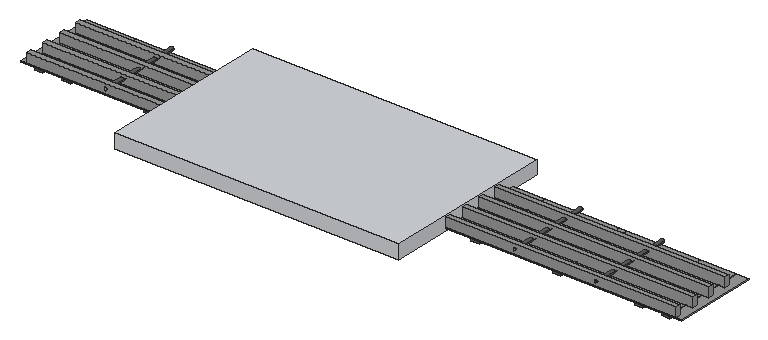
Revit family "1412-4, Veneer", category Generic Models, host Face, Revit 2020
Family settings
  Host = Face
  Can host rebar = No
  Round Connector Dimension = Use Diameter
  Part Type = Normal
  Cut with Voids When Loaded = No
  Shared = No
  Room Calculation Point = No
Parameters
  min_value [instance] = 2' - 4"  # constant formula
  max_value [instance] = 9' - 11 1/4"  # constant formula
  actual_value [instance] = if(NET LENGTH < min_value, min_value, if(NET LENGTH > max_value, max_value, NET LENGTH))  # 7' - 11 1/4"
  SCRIM MATERIAL [instance] = SCRIM
  SCRIM APPEARANCE [instance] = yes
  NET LENGTH [instance] = 7' - 11 1/4"
  IMPORTANT NOTE!!!                                                                             *Backer & dowel layout is for visualization purposes only, final layout to be determined by 9Wood. [instance] = ""
  Default Elevation = 4' - 0"
  DOWEL RADIUS [instance] = 0' - 0 1/4"  # constant formula
  BACKER & DOWEL MATERIAL [instance] = BLACK-BACKERS
  .. MEMBER WIDTH [instance] = 0' - 0 3/4"  # constant formula
  .. MEMBER MATERIAL [instance] = Veneer Cherry
  .. MEMBER DEPTH [instance] = 0' - 1 3/8"  # constant formula
  .. MEMBER COUNT [instance] = 4  # constant formula
Reference planes (in)
  plane 1 "Center (Front/Back)": y = 0
  plane 2: z = 0
  plane 3 "Center (Left/Right)": x = 0
Forms (in)
  Extrusion 1, solid
    sketch origin (0, 0, 0) x (1, 0, 0) y (0, 1, 0)
      loop
        line (-24.24823, 14.63962) -> (-24.24823, -10.69266) -> (17.36192, -10.69266) -> (17.36192, 14.63962) -> (-24.24823, 14.63962)
    from 0 to 2.0625
Dimensions and locks (in)
  aligned and locked: plane 2 to Extrusion 1
Nested families (in)
  nested 1: "1400 series" at (-44.01308, -2.1224, 0.00189), NET LENGTH <- "actual_value", .. MEMBER DEPTH <- ".. MEMBER DEPTH", .. MEMBER WIDTH <- ".. MEMBER WIDTH", DOWEL RADIUS <- "DOWEL RADIUS", BACKER & DOWEL MATERIAL <- "BACKER & DOWEL MATERIAL", .. MEMBER MATERIAL <- ".. MEMBER MATERIAL", SCRIM MATERIAL <- "SCRIM MATERIAL", MEMBER COUNT <- ".. MEMBER COUNT", SCRIM APPEARANCE <- "SCRIM APPEARANCE", type "1400 series"
    with X 7' - 8", SCRIM MATERIAL SCRIM, SCRIM LENGTH 8' - 1", SCRIM APPEARANCE yes, SCRIM 2 0' - 0 7/8", SCRIM 1 0' - 0 3/32", OC TYP 1' - 0", NET LENGTH 7' - 11 1/4", N 8, MEMBER COUNT 4, INSET 2 0' - 0 3/16", INSET 0' - 1", HALF MEMBER WIDTH 0' - 0 3/8", END BACKER yes, DOWEL RADIUS 0' - 0 1/4", DOWEL INDEX 0' - 11 5/8", DOWEL COUNT 7, BACKING M COUNT 8, BACKER WIDTH 0' - 1 1/4", BACKER INDEX 0' - 5 5/8", BACKER DEPTH 0' - 0 1/2", BACKER & DOWEL MATERIAL BLACK-BACKERS, BACKER &  DOWEL LENGTH 0' - 11 7/8", .. MEMBER WIDTH 0' - 0 3/4", .. MEMBER OC TYP 0' - 3", .. MEMBER MATERIAL Veneer Cherry, .. MEMBER DEPTH 0' - 1 3/8"
Definition of nested family "1400 series"
  Parameters (values of type "1400 series")
    X [instance] = NET LENGTH - 0' 3 1/4"  # 7' - 2"
    SCRIM MATERIAL [instance] = none
    SCRIM APPEARANCE [instance] = yes
    SCRIM 2 [instance] = 0' - 0 7/8"  # constant formula
    SCRIM 1 [instance] = 0' - 0 3/32"  # constant formula
    OC TYP [instance] = 1' - 0"  # constant formula
    N [instance] = if((X - (rounddown(X / 1' 0") * 1' 0")) > 1' 0", rounddown(X / 1' 0") + 2, rounddown(X / 1' 0") + 1)  # 8
    MEMBER COUNT [instance] = 2
    INSET 5 = 0' - 0 11/16"  # constant formula
    INSET 2 [instance] = 0' - 0 3/16"  # constant formula
    INSET [instance] = 0' - 1"  # constant formula
    END BACKER [instance] = BACKER INDEX > 0' 3 5/8"  # no
    HALF MEMBER WIDTH [instance] = .. MEMBER WIDTH / 2  # 0' - 1 1/8"
    Default Elevation = 0' - 0"
    DOWEL RADIUS [instance] = 0' - 0 1/4"
    DOWEL INDEX [instance] = BACKER INDEX + 0' 6"  # 0' - 8 5/8"
    DOWEL COUNT [instance] = N - 1  # 7
    BACKER WIDTH [instance] = 0' - 1 1/4"  # constant formula
    BACKER INDEX [instance] = (NET LENGTH - ((N - 1) * 1' 0")) / 2  # 0' - 2 5/8"
    BACKER DEPTH [instance] = 0' - 0 1/2"  # constant formula
    BACKING M COUNT [instance] = N  # 8
    BACKER & DOWEL MATERIAL [instance] = none
    BACKER &  DOWEL LENGTH [instance] = 0' - 11 7/8"  # constant formula
    SCRIM LENGTH [instance] = NET LENGTH + (SCRIM 2 * 2)  # 7' - 7"
    .. MEMBER WIDTH [instance] = 0' - 2 1/4"
    .. MEMBER OC TYP [instance] = 1' 0" / MEMBER COUNT  # 0' - 6"
    .. MEMBER MATERIAL [instance] = none
    NET LENGTH [instance] = 7' - 5 1/4"
    .. MEMBER DEPTH [instance] = 0' - 4"
  Reference planes (in)
    plane 1 "Center (Front/Back)": y = 0
    plane 2: z = 0
    plane 3 "Center (Left/Right)": x = 0
    plane 4: x = 89.25
    plane 5: x = 1
    plane 6: x = 88.25
    plane 7: x = 2.625
    plane 8: x = 8.625
    plane 9: x = 14.625
    plane 10: x = 20.625
    plane 11: y = 0.1875
    plane 12: y = 1.125
    plane 13: y = 7.125
    plane 14: y = 12.0625
    plane 15: x = 90.125
    plane 16: x = -0.875
    plane 17: y = 12.15625
    plane 18: y = -0.09375
    plane 19: z = 2.7097
    plane 20: z = 0.49811
    plane 21: z = 0.56061
    plane 22: z = 1.24811
  Lines and regions (in)
    model lines, not visible
      curve 1: line (8.625, 0, 0.99811) -> (8.625, 0, 1.49811)
      curve 2: line (8.625, 0, 1.49811) -> (8.375, 0, 1.24811)
      curve 3: line (8.375, 0, 1.24811) -> (8.875, 0, 1.24811)
      curve 4: line (20.625, 0, 0.99811) -> (20.625, 0, 1.49811)
      curve 5: line (20.625, 0, 1.49811) -> (20.375, 0, 1.24811)
      curve 6: line (20.375, 0, 1.24811) -> (20.875, 0, 1.24811)
      curve 7: line (32.625, 0, 0.99811) -> (32.625, 0, 1.49811)
      curve 8: line (32.625, 0, 1.49811) -> (32.375, 0, 1.24811)
      curve 9: line (32.375, 0, 1.24811) -> (32.875, 0, 1.24811)
      curve 10: line (44.625, 0, 0.99811) -> (44.625, 0, 1.49811)
      curve 11: line (44.625, 0, 1.49811) -> (44.375, 0, 1.24811)
      curve 12: line (44.375, 0, 1.24811) -> (44.875, 0, 1.24811)
      curve 13: line (56.625, 0, 0.99811) -> (56.625, 0, 1.49811)
      curve 14: line (56.625, 0, 1.49811) -> (56.375, 0, 1.24811)
      curve 15: line (56.375, 0, 1.24811) -> (56.875, 0, 1.24811)
      curve 16: line (68.625, 0, 0.99811) -> (68.625, 0, 1.49811)
      curve 17: line (68.625, 0, 1.49811) -> (68.375, 0, 1.24811)
      curve 18: line (68.375, 0, 1.24811) -> (68.875, 0, 1.24811)
      curve 19: line (80.625, 0, 0.99811) -> (80.625, 0, 1.49811)
      curve 20: line (80.625, 0, 1.49811) -> (80.375, 0, 1.24811)
      curve 21: line (80.375, 0, 1.24811) -> (80.875, 0, 1.24811)
  Dimensions and locks (in)
    "INSET": plane 3 "Center (Left/Right)" to plane 5
    "NET LENGTH": plane 3 "Center (Left/Right)" to plane 4
    "INSET": plane 6 to plane 4
    "BACKER INDEX": plane 3 "Center (Left/Right)" to plane 7
    "DOWEL INDEX": plane 3 "Center (Left/Right)" to plane 8
    "OC TYP": plane 7 to plane 9
    "OC TYP": plane 8 to plane 10
    "INSET 2": plane 1 "Center (Front/Back)" to plane 11
    equal spacing: group 1, group 2, group 5, group 6, group 7, group 13, group 14, group 16  (x3)
    equal spacing: group 3, group 4, group 8, group 9, group 10, group 15, group 17  (x3)
    group 11 to group 12 = 0' - 0"  (x2)
    group 11 to group 12 = 0' - 6"
    ".. MEMBER OC TYP": plane 13 to plane 12
    "HALF MEMBER WIDTH": plane 1 "Center (Front/Back)" to plane 12
    "SCRIM 2": plane 16 to plane 3 "Center (Left/Right)"
    "SCRIM 2": plane 4 to plane 15
    "SCRIM 1": plane 18 to plane 1 "Center (Front/Back)"
    "SCRIM 1": plane 17 to plane 14
    "INSET 5": plane 22 to plane 21
    aligned and locked: level to plane 2
    aligned and locked: plane 7 to nested 2
    aligned and locked: plane 5 to nested 1
    aligned and locked: plane 9 to nested 3
    aligned and locked: nested 1 to plane 5
    aligned and locked: nested 2 to plane 11
    aligned and locked: nested 1 to plane 11
    aligned and locked: nested 3 to plane 11
    aligned and locked: nested 4 to plane 11  (x2)
    aligned and locked: plane 10 to nested 5
    aligned and locked: plane 6 to nested 12
    aligned and locked: nested 5 to plane 11
    aligned and locked: plane 11 to nested 12
    aligned and locked: plane 12 to nested 13
    aligned and locked: nested 14 to plane 13
    aligned and locked: plane 14 to nested 8
    aligned and locked: plane 16 to nested 15
    aligned and locked: nested 15 to plane 18
    aligned and locked: nested 15 to plane 17
    aligned and locked: nested 15 to plane 16  (x2)
    aligned and locked: nested 1 to level
    aligned and locked: level to nested 3
    aligned and locked: plane 20 to nested 2
    aligned and locked: plane 20 to nested 1
    aligned and locked: plane 20 to nested 3
    aligned and locked: nested 12 to plane 20
    aligned and locked: nested 15 to plane 20
    aligned and locked: plane 21 to nested 15
    aligned and locked: nested 13 to plane 21
    aligned and locked: plane 22 to nested 4
    aligned and locked: plane 22 to nested 5
    aligned and locked: nested 13 to plane 8
    aligned and locked: plane 10 to nested 13
    aligned and locked: curve 1 to nested 13
    aligned and locked: nested 13 to curve 4
  Automatic sketch dimensions
    curve 3 to curve 1 = 0' - 0 1/4"  (x2)
    curve 1 to curve 3 = 0' - 0 1/4"
    curve 1 to curve 2 = 0' - 0 1/4"
    curve 6 to curve 4 = 0' - 0 1/4"  (x2)
    curve 4 to curve 6 = 0' - 0 1/4"
    curve 4 to curve 5 = 0' - 0 1/4"
    curve 9 to curve 7 = 0' - 0 1/4"  (x2)
    curve 7 to curve 9 = 0' - 0 1/4"
    curve 7 to curve 8 = 0' - 0 1/4"
    curve 12 to curve 10 = 0' - 0 1/4"  (x2)
    curve 10 to curve 12 = 0' - 0 1/4"
    curve 10 to curve 11 = 0' - 0 1/4"
    curve 15 to curve 13 = 0' - 0 1/4"  (x2)
    curve 13 to curve 15 = 0' - 0 1/4"
    curve 13 to curve 14 = 0' - 0 1/4"
    curve 18 to curve 16 = 0' - 0 1/4"  (x2)
    curve 16 to curve 18 = 0' - 0 1/4"
    curve 16 to curve 17 = 0' - 0 1/4"
    curve 21 to curve 19 = 0' - 0 1/4"  (x2)
    curve 19 to curve 21 = 0' - 0 1/4"
    curve 19 to curve 20 = 0' - 0 1/4"
  Nested families (in)
    nested 1: "INSTANCE - 3RD -  EXTEND BOTH SIDES - Parametric Cube.0001" at (1, 0.1875, 0.49811), Length <- "BACKER &  DOWEL LENGTH", Width <- "BACKER WIDTH", Height <- "BACKER DEPTH", Material <- "BACKER & DOWEL MATERIAL", visible <- "END BACKER", type "INSTANCE - 3RD -  EXTEND BOTH SIDES - Parametric Cube.0001"
      with Width 0' - 1 1/4", Material none, Length 0' - 11 7/8", Height 0' - 0 1/2"
    nested 2: "INSTANCE - 2ND -  EXTEND SIDE H CENTER W - Parametric Cube.0001" at (2.625, 0.1875, 0.49811), Width <- "BACKER WIDTH", Length <- "BACKER &  DOWEL LENGTH", Height <- "BACKER DEPTH", Material <- "BACKER & DOWEL MATERIAL", type "INSTANCE - 2ND -  EXTEND SIDE H CENTER W - Parametric Cube.0001"
      with Width 0' - 1 1/4", Material none, Length 0' - 11 7/8", Height 0' - 0 1/2"
    nested 3: "INSTANCE - 2ND -  EXTEND SIDE H CENTER W - Parametric Cube.0001" at (14.625, 0.1875, 0.49811), Width <- "BACKER WIDTH", Length <- "BACKER &  DOWEL LENGTH", Height <- "BACKER DEPTH", Material <- "BACKER & DOWEL MATERIAL", type "INSTANCE - 2ND -  EXTEND SIDE H CENTER W - Parametric Cube.0001"
      with Width 0' - 1 1/4", Material none, Length 0' - 11 7/8", Height 0' - 0 1/2"
    nested 4: "DOWEL" at (-1.375, 0.1875, 1.24811), DOWEL LENGTH <- "BACKER &  DOWEL LENGTH", DOWEL RADII <- "DOWEL RADIUS", BACKING MEM MATERIAL <- "BACKER & DOWEL MATERIAL", type "DOWEL"
      with DOWEL RADII 0' - 0 1/4", DOWEL LENGTH 0' - 11 7/8", BACKING MEM MATERIAL none
    nested 5: "DOWEL" at (10.625, 0.1875, 1.24811), DOWEL LENGTH <- "BACKER &  DOWEL LENGTH", DOWEL RADII <- "DOWEL RADIUS", BACKING MEM MATERIAL <- "BACKER & DOWEL MATERIAL", type "DOWEL"
      with DOWEL RADII 0' - 0 1/4", DOWEL LENGTH 0' - 11 7/8", BACKING MEM MATERIAL none
    nested 6: "INSTANCE - 2ND -  EXTEND SIDE H CENTER W - Parametric Cube.0001" at (26.625, 0.1875, 0.49811), Width <- "BACKER WIDTH", Length <- "BACKER &  DOWEL LENGTH", Height <- "BACKER DEPTH", Material <- "BACKER & DOWEL MATERIAL", type "INSTANCE - 2ND -  EXTEND SIDE H CENTER W - Parametric Cube.0001"
      with Width 0' - 1 1/4", Material none, Length 0' - 11 7/8", Height 0' - 0 1/2"
    nested 7: "INSTANCE - 2ND -  EXTEND SIDE H CENTER W - Parametric Cube.0001" at (38.625, 0.1875, 0.49811), Width <- "BACKER WIDTH", Length <- "BACKER &  DOWEL LENGTH", Height <- "BACKER DEPTH", Material <- "BACKER & DOWEL MATERIAL", type "INSTANCE - 2ND -  EXTEND SIDE H CENTER W - Parametric Cube.0001"
      with Width 0' - 1 1/4", Material none, Length 0' - 11 7/8", Height 0' - 0 1/2"
    nested 8: "INSTANCE - 2ND -  EXTEND SIDE H CENTER W - Parametric Cube.0001" at (50.625, 0.1875, 0.49811), Width <- "BACKER WIDTH", Length <- "BACKER &  DOWEL LENGTH", Height <- "BACKER DEPTH", Material <- "BACKER & DOWEL MATERIAL", type "INSTANCE - 2ND -  EXTEND SIDE H CENTER W - Parametric Cube.0001"
      with Width 0' - 1 1/4", Material none, Length 0' - 11 7/8", Height 0' - 0 1/2"
    nested 9: "DOWEL" at (22.625, 0.1875, 1.24811), DOWEL LENGTH <- "BACKER &  DOWEL LENGTH", DOWEL RADII <- "DOWEL RADIUS", BACKING MEM MATERIAL <- "BACKER & DOWEL MATERIAL", type "DOWEL"
      with DOWEL RADII 0' - 0 1/4", DOWEL LENGTH 0' - 11 7/8", BACKING MEM MATERIAL none
    nested 10: "DOWEL" at (34.625, 0.1875, 1.24811), DOWEL LENGTH <- "BACKER &  DOWEL LENGTH", DOWEL RADII <- "DOWEL RADIUS", BACKING MEM MATERIAL <- "BACKER & DOWEL MATERIAL", type "DOWEL"
      with DOWEL RADII 0' - 0 1/4", DOWEL LENGTH 0' - 11 7/8", BACKING MEM MATERIAL none
    nested 11: "DOWEL" at (46.625, 0.1875, 1.24811), DOWEL LENGTH <- "BACKER &  DOWEL LENGTH", DOWEL RADII <- "DOWEL RADIUS", BACKING MEM MATERIAL <- "BACKER & DOWEL MATERIAL", type "DOWEL"
      with DOWEL RADII 0' - 0 1/4", DOWEL LENGTH 0' - 11 7/8", BACKING MEM MATERIAL none
    nested 12: "INSTANCE - 3RD -  EXTEND BOTH SIDES - Parametric Cube.0001" at (88.25, 0.1875, 0.49811) x (-1, 0, 0) z (0, 0, 1), Width <- "BACKER WIDTH", Length <- "BACKER &  DOWEL LENGTH", Height <- "BACKER DEPTH", Material <- "BACKER & DOWEL MATERIAL", visible <- "END BACKER", type "INSTANCE - 3RD -  EXTEND BOTH SIDES - Parametric Cube.0001"
      with Width 0' - 1 1/4", Material none, Length 0' - 11 7/8", Height 0' - 0 1/2"
    nested 13: "HOLED MEMBER" at (0, -9.75, 8.12965), DOWEL INDEX <- "DOWEL INDEX", .. MEMBER LENGTH <- "NET LENGTH", .. MEMBER WIDTH <- ".. MEMBER WIDTH", DOWEL OC DIST <- "OC TYP", DOWEL RADII <- "DOWEL RADIUS", Material <- ".. MEMBER MATERIAL", DEPTH <- ".. MEMBER DEPTH", DOWEL COUNT <- "DOWEL COUNT", Space <- "INSET 5", type "HOLED MEMBER"
      with Space 0' - 0 11/16", Material none, Height 0' - 10.43096", HALF MEMBER WIDTH 0' - 1 1/8", DOWEL RADII 0' - 0 1/4", DOWEL OC DIST 1' - 0", DOWEL INDEX 0' - 8 5/8", DOWEL COUNT 7, DEPTH 0' - 4", .. MEMBER WIDTH 0' - 2 1/4", .. MEMBER LENGTH 7' - 5 1/4"
    nested 14: "HOLED MEMBER" at (0, -3.75, 8.12965), DOWEL INDEX <- "DOWEL INDEX", .. MEMBER LENGTH <- "NET LENGTH", .. MEMBER WIDTH <- ".. MEMBER WIDTH", DOWEL OC DIST <- "OC TYP", DOWEL RADII <- "DOWEL RADIUS", Material <- ".. MEMBER MATERIAL", DEPTH <- ".. MEMBER DEPTH", DOWEL COUNT <- "DOWEL COUNT", Space <- "INSET 5", type "HOLED MEMBER"
      with Space 0' - 0 11/16", Material none, Height 0' - 10.43096", HALF MEMBER WIDTH 0' - 1 1/8", DOWEL RADII 0' - 0 1/4", DOWEL OC DIST 1' - 0", DOWEL INDEX 0' - 8 5/8", DOWEL COUNT 7, DEPTH 0' - 4", .. MEMBER WIDTH 0' - 2 1/4", .. MEMBER LENGTH 7' - 5 1/4"
    nested 15: "INSTANCE - 3RD -  EXTEND BOTH SIDES - Parametric Cube.0001" at (-0.875, -0.09375, 0.56061), Width <- "SCRIM LENGTH", Material <- "SCRIM MATERIAL", visible <- "SCRIM APPEARANCE", type "INSTANCE - 3RD -  EXTEND BOTH SIDES - Parametric Cube.0001"
      with Width 7' - 7", Material none, Length 1' - 0 1/4", Height 0' - 0 1/16"
    nested 16: "INSTANCE - 2ND -  EXTEND SIDE H CENTER W - Parametric Cube.0001" at (62.625, 0.1875, 0.49811), Width <- "BACKER WIDTH", Length <- "BACKER &  DOWEL LENGTH", Height <- "BACKER DEPTH", Material <- "BACKER & DOWEL MATERIAL", type "INSTANCE - 2ND -  EXTEND SIDE H CENTER W - Parametric Cube.0001"
      with Width 0' - 1 1/4", Material none, Length 0' - 11 7/8", Height 0' - 0 1/2"
    nested 17: "INSTANCE - 2ND -  EXTEND SIDE H CENTER W - Parametric Cube.0001" at (74.625, 0.1875, 0.49811), Width <- "BACKER WIDTH", Length <- "BACKER &  DOWEL LENGTH", Height <- "BACKER DEPTH", Material <- "BACKER & DOWEL MATERIAL", type "INSTANCE - 2ND -  EXTEND SIDE H CENTER W - Parametric Cube.0001"
      with Width 0' - 1 1/4", Material none, Length 0' - 11 7/8", Height 0' - 0 1/2"
    nested 18: "DOWEL" at (58.625, 0.1875, 1.24811), DOWEL LENGTH <- "BACKER &  DOWEL LENGTH", DOWEL RADII <- "DOWEL RADIUS", BACKING MEM MATERIAL <- "BACKER & DOWEL MATERIAL", type "DOWEL"
      with DOWEL RADII 0' - 0 1/4", DOWEL LENGTH 0' - 11 7/8", BACKING MEM MATERIAL none
    nested 19: "INSTANCE - 2ND -  EXTEND SIDE H CENTER W - Parametric Cube.0001" at (86.625, 0.1875, 0.49811), Width <- "BACKER WIDTH", Length <- "BACKER &  DOWEL LENGTH", Height <- "BACKER DEPTH", Material <- "BACKER & DOWEL MATERIAL", type "INSTANCE - 2ND -  EXTEND SIDE H CENTER W - Parametric Cube.0001"
      with Width 0' - 1 1/4", Material none, Length 0' - 11 7/8", Height 0' - 0 1/2"
    nested 20: "DOWEL" at (70.625, 0.1875, 1.24811), DOWEL LENGTH <- "BACKER &  DOWEL LENGTH", DOWEL RADII <- "DOWEL RADIUS", BACKING MEM MATERIAL <- "BACKER & DOWEL MATERIAL", type "DOWEL"
      with DOWEL RADII 0' - 0 1/4", DOWEL LENGTH 0' - 11 7/8", BACKING MEM MATERIAL none
  Definition of nested family "INSTANCE - 3RD -  EXTEND BOTH SIDES - Parametric Cube.0001"
    Parameters (values of type "INSTANCE - 3RD -  EXTEND BOTH SIDES - Parametric Cube.0001")
      Width [instance] = 0' - 6"
      Material [instance] = none
      Length [instance] = 1' - 0"
      Height [instance] = 1' - 6"
      Default Elevation = 0' - 0"
    Reference planes (in)
      plane 1 "Center (Front/Back)": y = 0
      plane 2: z = 0
      plane 3 "Center (Left/Right)": x = 0
      plane 4: x = 6
      plane 5: y = 12
      plane 6: z = -18
    Forms (in)
      Extrusion 1, solid, material <- "Material"
        sketch origin (0, 6, 0) x (1, 0, 0) y (0, 1, 0)
          loop
            line (0, 6) -> (0, -6) -> (6, -6) -> (6, 6) -> (0, 6)
        from -18 to 0
    Dimensions and locks (in)
      "Height": plane 6 to level
      "Length": plane 1 "Center (Front/Back)" to plane 5
      "Width": plane 3 "Center (Left/Right)" to plane 4
      aligned and locked: plane 2 to level
      aligned and locked: Extrusion 1 sketch curve to plane 4
      aligned and locked: Extrusion 1 to plane 6
      aligned and locked: plane 5 to Extrusion 1
      aligned and locked: Extrusion 1 to plane 3 "Center (Left/Right)"
    Automatic sketch dimensions
      plane 1 "Center (Front/Back)" to Extrusion 1 sketch curve = 0' - 0"
      plane 5 to Extrusion 1 sketch curve = 0' - 0"
      Extrusion 1 sketch curve to plane 3 "Center (Left/Right)" = 0' - 0"
  Definition of nested family "INSTANCE - 2ND -  EXTEND SIDE H CENTER W - Parametric Cube.0001"
    Parameters (values of type "INSTANCE - 2ND -  EXTEND SIDE H CENTER W - Parametric Cube.0001")
      Width [instance] = 0' - 6"
      Material [instance] = none
      Length [instance] = 1' - 0"
      Height [instance] = 1' - 6"
      Default Elevation = 0' - 0"
    Reference planes (in)
      plane 1 "Center (Front/Back)": y = 0
      plane 2: z = 0
      plane 3 "Center (Left/Right)": x = 0
      plane 4: x = -3
      plane 5: x = 3
      plane 6: y = 12
      plane 7: z = -18
    Forms (in)
      Extrusion 1, solid, material <- "Material"
        sketch origin (0, 6, 0) x (1, 0, 0) y (0, 1, 0)
          loop
            line (-3, 6) -> (-3, -6) -> (3, -6) -> (3, 6) -> (-3, 6)
        from -18 to 0
    Dimensions and locks (in)
      equal spacing: plane 4, plane 3 "Center (Left/Right)", plane 5
      "Width": plane 4 to plane 5
      "Height": plane 7 to level
      "Length": plane 1 "Center (Front/Back)" to plane 6
      aligned and locked: plane 2 to level
      aligned and locked: plane 4 to Extrusion 1 sketch curve
      aligned and locked: Extrusion 1 sketch curve to plane 5
      aligned and locked: Extrusion 1 to plane 7
      aligned and locked: plane 6 to Extrusion 1
    Automatic sketch dimensions
      plane 1 "Center (Front/Back)" to Extrusion 1 sketch curve = 0' - 0"
      plane 6 to Extrusion 1 sketch curve = 0' - 0"
  Definition of nested family "DOWEL"
    Parameters (values of type "DOWEL")
      Default Elevation = 0' - 0"
      DOWEL RADII [instance] = 0' - 0 5/8"
      DOWEL LENGTH [instance] = 1' - 0"
      BACKING MEM MATERIAL [instance] = none
    Reference planes (in)
      plane 1 "Center (Front/Back)": y = 0
      plane 2: z = 0
      plane 3 "Center (Left/Right)": x = 0
      plane 4: y = 12
    Forms (in)
      Extrusion 1, solid, material <- "BACKING MEM MATERIAL"
        sketch origin (10, 0, 0) x (1, 0, 0) y (0, 0, 1)
          loop
            circle (0, 0) r 0.625
        from 0 to -12
      Extrusion 2, solid, not visible
        sketch origin (0, 0, 0) x (1, 0, 0) y (0, 0, 1)
          loop
            circle (0, 0) r 0.625
        from 0 to 12
      Extrusion 3, solid, not visible
        sketch origin (10, 0, 0) x (1, 0, 0) y (0, 0, 1)
          loop
            circle (0, 0) r 0.625
        from 0 to 2.5
      Extrusion 4, solid, not visible
        sketch origin (10, 0, 0) x (1, 0, 0) y (0, 0, 1)
          loop
            circle (0, 0) r 0.625
        from 0 to -12
    Lines and regions (in)
      model lines, not visible
        curve 1: line (-13, 0, 0) -> (-13, -12, 0)
        curve 2: line (13, 0, 0) -> (13, -12, 0)
        curve 3: line (9.89453, 0, 0) -> (10.08794, 0, 0)
        curve 4: line (9.89453, -2.5, 0) -> (10.08794, -2.5, 0)
        curve 6: line (10, 0, 0) -> (10, 2, 0)
      model lines
        curve 5: line (10, 0, 0) -> (10, 2, 0)
    Dimensions and locks (in)
      "DOWEL LENGTH": plane 1 "Center (Front/Back)" to plane 4
      "DOWEL RADII": radius of Extrusion 1 sketch curve
      "DOWEL RADII": radius of Extrusion 2 sketch curve
      "DOWEL RADII": radius of Extrusion 3 sketch curve
      "DOWEL RADII": radius of Extrusion 4 sketch curve
      "DOWEL RADII": radius of Extrusion 1
      aligned and locked: plane 2 to level
      aligned and locked: Extrusion 1 to plane 1 "Center (Front/Back)"  (x3)
      aligned and locked: plane 1 "Center (Front/Back)" to Extrusion 1
      aligned and locked: plane 4 to Extrusion 1
    Automatic sketch dimensions
      plane 1 "Center (Front/Back)" to curve 5 = 0' - 0"
      curve 5 to plane 1 "Center (Front/Back)" = 0' - 2"
      plane 3 "Center (Left/Right)" to curve 5 = 0' - 10"
      Extrusion 1 sketch curve to level = 0' - 0"
      plane 3 "Center (Left/Right)" to Extrusion 1 sketch curve = 0' - 10"
  Definition of nested family "HOLED MEMBER"
    Parameters (values of type "HOLED MEMBER")
      Space [instance] = 0' - 0 5/8"
      Material [instance] = none
      Height [instance] = 0' - 10.43096"
      HALF MEMBER WIDTH [instance] = .. MEMBER WIDTH / 2  # 0' - 0 5/16"
      Default Elevation = 0' - 0"
      DOWEL RADII [instance] = 0' - 0.34537"
      DOWEL OC DIST [instance] = 1' - 0"
      DOWEL INSET = 0' - 0 5/8"
      DOWEL INDEX [instance] = 0' - 5 5/8"
      DOWEL COUNT [instance] = 6
      DEPTH [instance] = 0' - 2"
      .. MEMBER WIDTH [instance] = 0' - 0 5/8"
      .. MEMBER LENGTH [instance] = 5' - 11 3/4"
    Reference planes (in)
      plane 1 "Center (Front/Back)": y = 12
      plane 2: z = -7.56904
      plane 3 "Center (Left/Right)": x = 0
      plane 4: x = 5.625
      plane 5: x = 17.625
      plane 6: y = 11.375
      plane 7: x = 71.75
      plane 8: y = 11.6875
      plane 9: z = -6.94404
      plane 10: z = -5.56904
    Forms (in)
      Extrusion 1, solid, material <- "Material"
        sketch origin (0, 12, -13.56904) x (1, 0, 0) y (0, 0, 1)
          loop
            line (0, 6) -> (71.75, 6) -> (71.75, 8) -> (0, 8) -> (0, 6)
        from 0.625 to 0
      Extrusion 2, void
        sketch origin (0, 12, -18.31904) x (1, 0, 0) y (0, 0, 1)
          loop
            circle (5.625, 11.375) r 0.34537
        from 0 to 12
      Extrusion 3, void, not visible
        sketch origin (0, 0, 0) x (1, 0, 0) y (0, 1, 0)
          loop
            circle (5.625, 11.375) r 0.34537
        from 0 to 12
      Extrusion 4, void, not visible
        sketch origin (0, 0, 0) x (1, 0, 0) y (0, 1, 0)
          loop
            circle (5.625, 11.375) r 0.34537
        from 0 to 12
      Extrusion 5, void, not visible
        sketch origin (12, 0, 0) x (1, 0, 0) y (0, 1, 0)
          loop
            circle (5.625, 11.375) r 0.34537
        from 0 to 12
      Extrusion 6, void, not visible
        sketch origin (0, 12, -17.56904) x (1, 0, 0) y (0, 0, 1)
          loop
            circle (5.625, 11.375) r 0.34537
        from 0 to 12
      Extrusion 7, void, not visible
        sketch origin (12, 12, -17.56904) x (1, 0, 0) y (0, 0, 1)
          loop
            circle (5.625, 11.375) r 0.34537
        from 0 to 12
      Extrusion 8, void, not visible
        sketch origin (0, 12, -19.56904) x (1, 0, 0) y (0, 0, 1)
          loop
            circle (5.625, 11.375) r 0.34537
        from 0 to 12
      Extrusion 9, void
        sketch origin (12, 12, -18.31904) x (1, 0, 0) y (0, 0, 1)
          loop
            circle (5.625, 11.375) r 0.34537
        from 0 to 12
      Extrusion 10, void
        sketch origin (24, 12, -18.31904) x (1, 0, 0) y (0, 0, 1)
          loop
            circle (5.625, 11.375) r 0.34537
        from 0 to 12
      Extrusion 11, void
        sketch origin (36, 12, -18.31904) x (1, 0, 0) y (0, 0, 1)
          loop
            circle (5.625, 11.375) r 0.34537
        from 0 to 12
      Extrusion 12, void
        sketch origin (48, 12, -18.31904) x (1, 0, 0) y (0, 0, 1)
          loop
            circle (5.625, 11.375) r 0.34537
        from 0 to 12
      Extrusion 13, void
        sketch origin (60, 12, -18.31904) x (1, 0, 0) y (0, 0, 1)
          loop
            circle (5.625, 11.375) r 0.34537
        from 0 to 12
      Extrusion 14, void, not visible
        sketch origin (24, 12, -17.56904) x (1, 0, 0) y (0, 0, 1)
          loop
            circle (5.625, 11.375) r 0.34537
        from 0 to 12
      Extrusion 15, void, not visible
        sketch origin (36, 12, -17.56904) x (1, 0, 0) y (0, 0, 1)
          loop
            circle (5.625, 11.375) r 0.34537
        from 0 to 12
      Extrusion 16, void, not visible
        sketch origin (48, 12, -17.56904) x (1, 0, 0) y (0, 0, 1)
          loop
            circle (5.625, 11.375) r 0.34537
        from 0 to 12
      Extrusion 17, void, not visible
        sketch origin (60, 12, -17.56904) x (1, 0, 0) y (0, 0, 1)
          loop
            circle (5.625, 11.375) r 0.34537
        from 0 to 12
      Extrusion 18, void, not visible
        sketch origin (24, 0, 0) x (1, 0, 0) y (0, 1, 0)
          loop
            circle (5.625, 11.375) r 0.34537
        from 0 to 12
      Extrusion 19, void, not visible
        sketch origin (36, 0, 0) x (1, 0, 0) y (0, 1, 0)
          loop
            circle (5.625, 11.375) r 0.34537
        from 0 to 12
      Extrusion 20, void, not visible
        sketch origin (48, 0, 0) x (1, 0, 0) y (0, 1, 0)
          loop
            circle (5.625, 11.375) r 0.34537
        from 0 to 12
      Extrusion 21, void, not visible
        sketch origin (60, 0, 0) x (1, 0, 0) y (0, 1, 0)
          loop
            circle (5.625, 11.375) r 0.34537
        from 0 to 12
    Cuts and joins
      Extrusion 2, Extrusion 9, Extrusion 10, Extrusion 11, Extrusion 12, Extrusion 13 cuts Extrusion 1
    Lines and regions (in)
      model lines, not visible
        curve 1: line (5.625, 11.72037, 0) -> (5.625, 11.02963, 0)
        curve 2: line (5.625, 11.72037, 0) -> (5.625, 11.02963, 0)
        curve 3: line (17.625, 11.72037, 0) -> (17.625, 11.02963, 0)
        curve 4: line (5.625, 12, -7.56904) -> (5.625, 11.87317, -7.56904)
        curve 5: line (5.625, 11.87317, -7.56904) -> (5.06195, 11.87317, -7.56904)
        curve 6: line (5.06195, 11.87317, -7.56904) -> (5.27963, 11.375, -7.56904)
        curve 7: line (0, 12, -6.19404) -> (0, 11.61951, -6.19404)
        curve 9: line (0, 11.375, -8.19404) -> (0, 11.6747, -8.19404)
        curve 10: line (5.625, 12, -7.56904) -> (5.625, 11.69863, -7.56904)
        curve 11: line (5.625, 12, -7.56904) -> (5.625, 11.69863, -7.56904)
        curve 12: line (5.625, 10.75, 0) -> (5.625, 10.75, 0.30137)
        curve 13: line (5.625, 10.75, 0) -> (5.625, 10.75, 0.30137)
        curve 14: line (17.625, 10.75, 0) -> (17.625, 10.75, 0.30137)
        curve 15: line (5.625, 12, -6.81904) -> (5.625, 11.69863, -6.81904)
        curve 16: line (17.625, 12, -6.81904) -> (17.625, 11.69863, -6.81904)
        curve 17: line (5.625, 12, -8.81904) -> (5.625, 11.69863, -8.81904)
        curve 18: line (17.625, 12, -7.56904) -> (17.625, 11.69863, -7.56904)
        curve 19: line (29.625, 12, -7.56904) -> (29.625, 11.69863, -7.56904)
        curve 20: line (41.625, 12, -7.56904) -> (41.625, 11.69863, -7.56904)
        curve 21: line (53.625, 12, -7.56904) -> (53.625, 11.69863, -7.56904)
        curve 22: line (65.625, 12, -7.56904) -> (65.625, 11.69863, -7.56904)
        curve 23: line (29.625, 12, -6.81904) -> (29.625, 11.69863, -6.81904)
        curve 24: line (41.625, 12, -6.81904) -> (41.625, 11.69863, -6.81904)
        curve 25: line (53.625, 12, -6.81904) -> (53.625, 11.69863, -6.81904)
        curve 26: line (65.625, 12, -6.81904) -> (65.625, 11.69863, -6.81904)
        curve 27: line (29.625, 11.72037, 0) -> (29.625, 11.02963, 0)
        curve 28: line (29.625, 10.75, 0) -> (29.625, 10.75, 0.30137)
        curve 29: line (41.625, 11.72037, 0) -> (41.625, 11.02963, 0)
        curve 30: line (41.625, 10.75, 0) -> (41.625, 10.75, 0.30137)
        curve 31: line (53.625, 11.72037, 0) -> (53.625, 11.02963, 0)
        curve 32: line (53.625, 10.75, 0) -> (53.625, 10.75, 0.30137)
        curve 33: line (65.625, 11.72037, 0) -> (65.625, 11.02963, 0)
        curve 34: line (65.625, 10.75, 0) -> (65.625, 10.75, 0.30137)
        curve 35: line (5.27963, 12, -6.94404) -> (5.97037, 12, -6.94404)
        curve 36: line (5.97037, 12, -6.94404) -> (5.625, 12, -6.59867)
        curve 37: line (5.625, 12, -6.59867) -> (5.625, 12, -7.28941)
        curve 38: line (5.27963, 11.375, 0) -> (5.97037, 11.375, 0)
        curve 39: line (5.97037, 11.375, 0) -> (5.625, 11.72037, 0)
        curve 40: line (5.625, 11.72037, 0) -> (5.625, 11.02963, 0)
        curve 41: line (5.27963, 11.375, 0) -> (5.97037, 11.375, 0)
        curve 42: line (5.97037, 11.375, 0) -> (5.625, 11.72037, 0)
        curve 43: line (5.625, 11.72037, 0) -> (5.625, 11.02963, 0)
        curve 44: line (17.27963, 11.375, 0) -> (17.97037, 11.375, 0)
        curve 45: line (17.97037, 11.375, 0) -> (17.625, 11.72037, 0)
        curve 46: line (17.625, 11.72037, 0) -> (17.625, 11.02963, 0)
        curve 47: line (5.27963, 12, -6.19404) -> (5.97037, 12, -6.19404)
        curve 48: line (5.97037, 12, -6.19404) -> (5.625, 12, -5.84867)
        curve 49: line (5.625, 12, -5.84867) -> (5.625, 12, -6.53941)
        curve 50: line (17.27963, 12, -6.19404) -> (17.97037, 12, -6.19404)
        curve 51: line (17.97037, 12, -6.19404) -> (17.625, 12, -5.84867)
        curve 52: line (17.625, 12, -5.84867) -> (17.625, 12, -6.53941)
        curve 53: line (5.27963, 12, -8.19404) -> (5.97037, 12, -8.19404)
        curve 54: line (5.97037, 12, -8.19404) -> (5.625, 12, -7.84867)
        curve 55: line (5.625, 12, -7.84867) -> (5.625, 12, -8.53941)
        curve 56: line (17.27963, 12, -6.94404) -> (17.97037, 12, -6.94404)
        curve 57: line (17.97037, 12, -6.94404) -> (17.625, 12, -6.59867)
        curve 58: line (17.625, 12, -6.59867) -> (17.625, 12, -7.28941)
        curve 59: line (29.27963, 12, -6.94404) -> (29.97037, 12, -6.94404)
        curve 60: line (29.97037, 12, -6.94404) -> (29.625, 12, -6.59867)
        curve 61: line (29.625, 12, -6.59867) -> (29.625, 12, -7.28941)
        curve 62: line (41.27963, 12, -6.94404) -> (41.97037, 12, -6.94404)
        curve 63: line (41.97037, 12, -6.94404) -> (41.625, 12, -6.59867)
        curve 64: line (41.625, 12, -6.59867) -> (41.625, 12, -7.28941)
        curve 65: line (53.27963, 12, -6.94404) -> (53.97037, 12, -6.94404)
        curve 66: line (53.97037, 12, -6.94404) -> (53.625, 12, -6.59867)
        curve 67: line (53.625, 12, -6.59867) -> (53.625, 12, -7.28941)
        curve 68: line (65.27963, 12, -6.94404) -> (65.97037, 12, -6.94404)
        curve 69: line (65.97037, 12, -6.94404) -> (65.625, 12, -6.59867)
        curve 70: line (65.625, 12, -6.59867) -> (65.625, 12, -7.28941)
        curve 71: line (29.27963, 12, -6.19404) -> (29.97037, 12, -6.19404)
        curve 72: line (29.97037, 12, -6.19404) -> (29.625, 12, -5.84867)
        curve 73: line (29.625, 12, -5.84867) -> (29.625, 12, -6.53941)
        curve 74: line (41.27963, 12, -6.19404) -> (41.97037, 12, -6.19404)
        curve 75: line (41.97037, 12, -6.19404) -> (41.625, 12, -5.84867)
        curve 76: line (41.625, 12, -5.84867) -> (41.625, 12, -6.53941)
        curve 77: line (53.27963, 12, -6.19404) -> (53.97037, 12, -6.19404)
        curve 78: line (53.97037, 12, -6.19404) -> (53.625, 12, -5.84867)
        curve 79: line (53.625, 12, -5.84867) -> (53.625, 12, -6.53941)
        curve 80: line (65.27963, 12, -6.19404) -> (65.97037, 12, -6.19404)
        curve 81: line (65.97037, 12, -6.19404) -> (65.625, 12, -5.84867)
        curve 82: line (65.625, 12, -5.84867) -> (65.625, 12, -6.53941)
        curve 83: line (29.27963, 11.375, 0) -> (29.97037, 11.375, 0)
        curve 84: line (29.97037, 11.375, 0) -> (29.625, 11.72037, 0)
        curve 85: line (29.625, 11.72037, 0) -> (29.625, 11.02963, 0)
        curve 86: line (41.27963, 11.375, 0) -> (41.97037, 11.375, 0)
        curve 87: line (41.97037, 11.375, 0) -> (41.625, 11.72037, 0)
        curve 88: line (41.625, 11.72037, 0) -> (41.625, 11.02963, 0)
        curve 89: line (53.27963, 11.375, 0) -> (53.97037, 11.375, 0)
        curve 90: line (53.97037, 11.375, 0) -> (53.625, 11.72037, 0)
        curve 91: line (53.625, 11.72037, 0) -> (53.625, 11.02963, 0)
        curve 92: line (65.27963, 11.375, 0) -> (65.97037, 11.375, 0)
        curve 93: line (65.97037, 11.375, 0) -> (65.625, 11.72037, 0)
        curve 94: line (65.625, 11.72037, 0) -> (65.625, 11.02963, 0)
      model lines
        curve 8: line (5.625, 12, -7.56904) -> (5.625, 11.69863, -7.56904)
    Dimensions and locks (in)
      "DOWEL INDEX": plane 3 "Center (Left/Right)" to plane 4
      "DOWEL OC DIST": plane 4 to plane 5
      ".. MEMBER LENGTH": plane 3 "Center (Left/Right)" to plane 7
      equal spacing: group 3, group 4, group 21, group 22, group 23, group 24  (x3)
      equal spacing: group 7, group 8, group 17, group 18, group 19, group 20  (x3)
      ".. MEMBER WIDTH": plane 6 to plane 1 "Center (Front/Back)"
      "HALF MEMBER WIDTH": plane 8 to plane 1 "Center (Front/Back)"
      equal spacing: group 1, group 12, group 13, group 14, group 15, group 16  (x2)
      equal spacing: group 16, group 15, group 14, group 13, group 12, group 1
      "DEPTH": plane 10 to level
      "Space": plane 9 to level
      "DOWEL RADII": radius of Extrusion 2 sketch curve
      "DOWEL RADII": radius of Extrusion 3 sketch curve
      "DOWEL RADII": radius of Extrusion 4 sketch curve
      "DOWEL RADII": radius of Extrusion 5 sketch curve
      "DOWEL RADII": radius of Extrusion 6 sketch curve
      "DOWEL RADII": radius of Extrusion 7 sketch curve
      "DOWEL RADII": radius of Extrusion 8 sketch curve
      "DOWEL RADII": radius of Extrusion 9 sketch curve
      "DOWEL RADII": radius of Extrusion 10 sketch curve
      "DOWEL RADII": radius of Extrusion 11 sketch curve
      "DOWEL RADII": radius of Extrusion 12 sketch curve
      "DOWEL RADII": radius of Extrusion 13 sketch curve
      "DOWEL RADII": radius of Extrusion 14 sketch curve
      "DOWEL RADII": radius of Extrusion 15 sketch curve
      "DOWEL RADII": radius of Extrusion 16 sketch curve
      "DOWEL RADII": radius of Extrusion 17 sketch curve
      "DOWEL RADII": radius of Extrusion 18 sketch curve
      "DOWEL RADII": radius of Extrusion 19 sketch curve
      "DOWEL RADII": radius of Extrusion 20 sketch curve
      "DOWEL RADII": radius of Extrusion 21 sketch curve
      aligned and locked: level to plane 2
      aligned and locked: Extrusion 1 to plane 3 "Center (Left/Right)"  (x2)
      aligned and locked: plane 7 to cut or joined group of Extrusion 1, Extrusion 2, Extrusion 9, Extrusion 10, Extrusion 11, Extrusion 12, Extrusion 13  (x2)
      aligned and locked: cut or joined group of Extrusion 1, Extrusion 2, Extrusion 9, Extrusion 10, Extrusion 11, Extrusion 12, Extrusion 13 to plane 1 "Center (Front/Back)"  (x2)
      aligned and locked: cut or joined group of Extrusion 1, Extrusion 2, Extrusion 9, Extrusion 10, Extrusion 11, Extrusion 12, Extrusion 13 to plane 6  (x2)
      aligned and locked: plane 4 to curve 11
      aligned and locked: curve 18 to plane 5
      aligned and locked: plane 4 to group 1
      aligned and locked: group 12 to plane 5
      aligned and locked: curve 35 to plane 9
      aligned and locked: plane 4 to curve 37
      aligned and locked: curve 56 to plane 9
      aligned and locked: curve 58 to plane 5
      aligned and locked: plane 10 to cut or joined group of Extrusion 1, Extrusion 2, Extrusion 9, Extrusion 10, Extrusion 11, Extrusion 12, Extrusion 13  (x2)
      aligned and locked: cut or joined group of Extrusion 1, Extrusion 2, Extrusion 9, Extrusion 10, Extrusion 11, Extrusion 12, Extrusion 13 to level
      aligned and locked: level to cut or joined group of Extrusion 1, Extrusion 2, Extrusion 9, Extrusion 10, Extrusion 11, Extrusion 12, Extrusion 13
    Automatic sketch dimensions
      curve 1 to curve 1 = 0' - 0.69074"
      curve 2 to curve 2 = 0' - 0.69074"
      curve 3 to curve 3 = 0' - 0.69074"
      Extrusion 1 sketch curve to plane 3 "Center (Left/Right)" = 0' - 0"
      Extrusion 1 sketch curve to plane 7 = 0' - 0"
      Extrusion 1 sketch curve to Extrusion 1 sketch curve = 0' - 2"
      Extrusion 1 sketch curve to level = 0' - 0"
      curve 8 to curve 8 = 0' - 0.30137"
      curve 10 to curve 10 = 0' - 0.30137"
      curve 8 to plane 4 = 0' - 0"
      plane 1 "Center (Front/Back)" to curve 8 = 0' - 0"
      plane 1 "Center (Front/Back)" to curve 8 = 0' - 0.30137"
      curve 11 to curve 11 = 0' - 0.30137"
      curve 12 to curve 12 = 0' - 0.30137"
      curve 13 to curve 13 = 0' - 0.30137"
      curve 14 to curve 14 = 0' - 0.30137"
      curve 15 to curve 15 = 0' - 0.30137"
      curve 16 to curve 16 = 0' - 0.30137"
      curve 17 to curve 17 = 0' - 0.30137"
      curve 18 to curve 18 = 0' - 0.30137"
      curve 19 to curve 19 = 0' - 0.30137"
      curve 20 to curve 20 = 0' - 0.30137"
      curve 21 to curve 21 = 0' - 0.30137"
      curve 22 to curve 22 = 0' - 0.30137"
      curve 23 to curve 23 = 0' - 0.30137"
      curve 24 to curve 24 = 0' - 0.30137"
      curve 25 to curve 25 = 0' - 0.30137"
      curve 26 to curve 26 = 0' - 0.30137"
      curve 27 to curve 27 = 0' - 0.69074"
      curve 28 to curve 28 = 0' - 0.30137"
      curve 29 to curve 29 = 0' - 0.69074"
      curve 30 to curve 30 = 0' - 0.30137"
      curve 31 to curve 31 = 0' - 0.69074"
      curve 32 to curve 32 = 0' - 0.30137"
      curve 33 to curve 33 = 0' - 0.69074"
      curve 34 to curve 34 = 0' - 0.30137"
      curve 37 to curve 35 = 0' - 0.34537"  (x2)
      curve 35 to curve 36 = 0' - 0.34537"
      curve 35 to curve 37 = 0' - 0.34537"
      curve 40 to curve 38 = 0' - 0.34537"  (x2)
      curve 38 to curve 39 = 0' - 0.34537"
      curve 38 to curve 40 = 0' - 0.34537"
      curve 43 to curve 41 = 0' - 0.34537"  (x2)
      curve 41 to curve 42 = 0' - 0.34537"
      curve 41 to curve 43 = 0' - 0.34537"
      curve 46 to curve 44 = 0' - 0.34537"  (x2)
      curve 44 to curve 45 = 0' - 0.34537"
      curve 44 to curve 46 = 0' - 0.34537"
      curve 49 to curve 47 = 0' - 0.34537"  (x2)
      curve 47 to curve 48 = 0' - 0.34537"
      curve 47 to curve 49 = 0' - 0.34537"
      curve 52 to curve 50 = 0' - 0.34537"  (x2)
      curve 50 to curve 51 = 0' - 0.34537"
      curve 50 to curve 52 = 0' - 0.34537"
      curve 55 to curve 53 = 0' - 0.34537"  (x2)
      curve 53 to curve 54 = 0' - 0.34537"
      curve 53 to curve 55 = 0' - 0.34537"
      curve 58 to curve 56 = 0' - 0.34537"  (x2)
      curve 56 to curve 57 = 0' - 0.34537"
      curve 56 to curve 58 = 0' - 0.34537"
      curve 61 to curve 59 = 0' - 0.34537"  (x2)
      curve 59 to curve 60 = 0' - 0.34537"
      curve 59 to curve 61 = 0' - 0.34537"
      curve 64 to curve 62 = 0' - 0.34537"  (x2)
      curve 62 to curve 63 = 0' - 0.34537"
      curve 62 to curve 64 = 0' - 0.34537"
      curve 67 to curve 65 = 0' - 0.34537"  (x2)
      curve 65 to curve 66 = 0' - 0.34537"
      curve 65 to curve 67 = 0' - 0.34537"
      curve 70 to curve 68 = 0' - 0.34537"  (x2)
      curve 68 to curve 69 = 0' - 0.34537"
      curve 68 to curve 70 = 0' - 0.34537"
      curve 73 to curve 71 = 0' - 0.34537"  (x2)
      curve 71 to curve 72 = 0' - 0.34537"
      curve 71 to curve 73 = 0' - 0.34537"
      curve 76 to curve 74 = 0' - 0.34537"  (x2)
      curve 74 to curve 75 = 0' - 0.34537"
      curve 74 to curve 76 = 0' - 0.34537"
      curve 79 to curve 77 = 0' - 0.34537"  (x2)
      curve 77 to curve 78 = 0' - 0.34537"
      curve 77 to curve 79 = 0' - 0.34537"
      curve 82 to curve 80 = 0' - 0.34537"  (x2)
      curve 80 to curve 81 = 0' - 0.34537"
      curve 80 to curve 82 = 0' - 0.34537"
      curve 85 to curve 83 = 0' - 0.34537"  (x2)
      curve 83 to curve 84 = 0' - 0.34537"
      curve 83 to curve 85 = 0' - 0.34537"
      curve 88 to curve 86 = 0' - 0.34537"  (x2)
      curve 86 to curve 87 = 0' - 0.34537"
      curve 86 to curve 88 = 0' - 0.34537"
      curve 91 to curve 89 = 0' - 0.34537"  (x2)
      curve 89 to curve 90 = 0' - 0.34537"
      curve 89 to curve 91 = 0' - 0.34537"
      curve 94 to curve 92 = 0' - 0.34537"  (x2)
      curve 92 to curve 93 = 0' - 0.34537"
      curve 92 to curve 94 = 0' - 0.34537"
